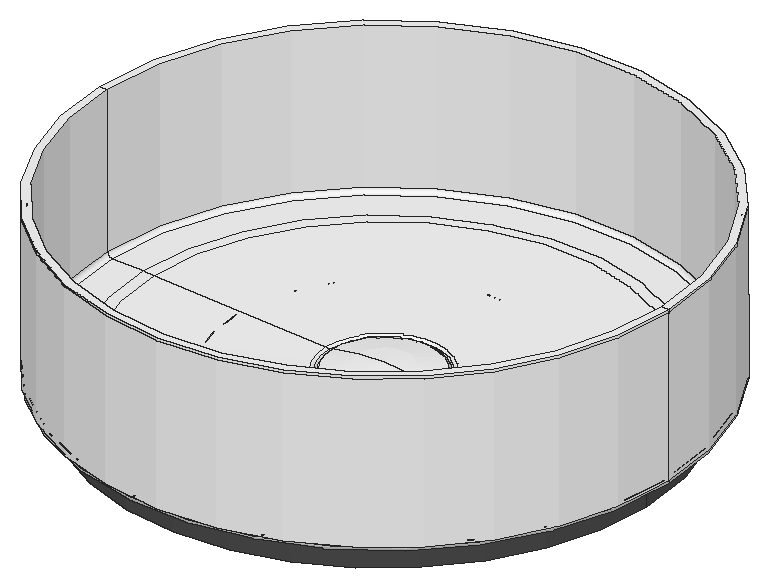
Revit family "Reece_Basin_Alape_Unisono_Above Counter Basin_325 mm", category Plumbing Fixtures, host Face, Revit 2018
Family settings
  Host = Face
  Round Connector Dimension = Use Diameter
  Part Type = Normal
  Cut with Voids When Loaded = No
  Shared = Yes
  Room Calculation Point = Yes
Parameters
  WFU = 0  # constant formula
  URL = "https://www.reece.com.au/product/-9503961"
  Type Comments = "Basin"
  Reece_Product_Web Page = "https://www.reece.com.au/product/-9503961"
  Reece_Product_Type = "Basin"  # constant formula
  Reece_Product_Sub Brand = "Unisono"  # constant formula
  Reece_Product_Number = "9503961"
  Reece_Product_Mount = "Above Counter"
  Reece_Product_Description = "Alape Unisono Counter Basin 325mm White"
  Reece_Product_Brand = "Alape"  # constant formula
  Reece_Overall_Width = 325 mm  # constant formula
  Reece_Overall_Length = 325 mm  # constant formula
  Reece_Overall_Height = 105 mm  # constant formula
  Reece_Overall_Capacity = 7.00 L  # constant formula
  Reece_Material_Secondary = Reece_Brass_Chrome
  Reece_Material_Colour = Reece_Metal_Steel Enamelled_White
  Reece_Material_Base = Reece_Metal_Steel Enamelled_Matte Black
  Reece_Material-Main = Reece_Metal_Steel Enamelled_White
  Reece_Detail_Installation = "Above Counter"  # constant formula
  Reece_Detail_Disclaimer = "THIS FILE IS THE PROPERTY OF THE REECE GROUP. IT MAY NOT BE REPRODUCED, REVERSE-ENGINEERED OR MODIFIED. ANY REPUBLICATION, TRANSMISSION OR DISTRIBUTION FOR THE PURPOSE OF COMMERCIALLY EXPLOITING THE FILES IS PROHIBITED."  # constant formula
  Reece_Detail_Connector = "No Taphole"  # constant formula
  Reece_Detail_Additional = "No Overflow"  # constant formula
  Reece_Basin_Outlet = 40 mm  # constant formula
  Model = "Unisono"
  Manufacturer = "Alape"
  Keynote = "Product #9503961, Reece_Basin_Alape_Unisono_Above Counter Basin_325 mm -  "
  HWFU = 0  # constant formula
  Disclaimer = "THIS FILE IS THE PROPERTY OF THE REECE GROUP. IT MAY NOT BE REPRODUCED, REVERSE-ENGINEERED OR MODIFIED. ANY REPUBLICATION, TRANSMISSION OR DISTRIBUTION FOR THE PURPOSE OF COMMERCIALLY EXPLOITING THE FILES IS PROHIBITED."  # constant formula
  Description = "Alape Unisono Counter Basin 325mm White"
  Default Elevation = 1000 mm
  CWFU = 0  # constant formula
Types (4, lengths in mm): name | URL | Reece_Product_Web Page | Reece_Product_Number | Reece_Product_Description | Reece_Material_Secondary | Reece_Material_Colour | Reece_Material-Main | Keynote | Description
  (no name) | "https://www.reece.com.au/product/-9503961" | "https://www.reece.com.au/product/-9503961" | "9503961" | "Alape Unisono Counter Basin 325mm White" | Reece_Brass_Chrome | Reece_Metal_Steel Enamelled_White | Reece_Metal_Steel Enamelled_White | "Product #9503961, Reece_Basin_Alape_Unisono_Above Counter Basin_325 mm -  " | "Alape Unisono Counter Basin 325mm White"
  Matte Black | "https://www.reece.com.au/product/-9506940" | "https://www.reece.com.au/product/-9506940" | "9506940" | "Alape Unisono Counter Basin 325mm Matte Black" | Reece_Brass_Chrome | Reece_Metal_Steel Enamelled_Matte Black | Reece_Metal_Steel Enamelled_Matte Black | "Product #9506940, Reece_Basin_Alape_Unisono_Above Counter Basin_325 mm - Matte Black" | "Alape Unisono Counter Basin 325mm Matte Black"
  Bi-Colour | "https://www.reece.com.au/product/-1806077" | "https://www.reece.com.au/product/-1806077" | "1806077" | "Alape Unisono Counter Basin 325mm Bi-Colour" | Reece_Metal_Steel Enamelled_White | Reece_Metal_Steel Enamelled_Matte Black | Reece_Metal_Steel Enamelled_White | "Product #1806077, Reece_Basin_Alape_Unisono_Above Counter Basin_325 mm - Bi-Colour" | "Alape Unisono Counter Basin 325mm Bi-Colour"
  White | "https://www.reece.com.au/product/-9503961" | "https://www.reece.com.au/product/-9503961" | "9503961" | "Alape Unisono Counter Basin 325mm White" | Reece_Brass_Chrome | Reece_Metal_Steel Enamelled_White | Reece_Metal_Steel Enamelled_White | "Product #9503961, Reece_Basin_Alape_Unisono_Above Counter Basin_325 mm - White" | "Alape Unisono Counter Basin 325mm White"
Reference planes
  plane 1 "Center (Front/Back)": y = -79.125
  plane 2 "Bottom": z = 0
  plane 3 "Center (Left/Right)": x = 0
  plane 4: x = 162.5
  plane 5: x = -162.5
  plane 6: y = -241.625
  plane 7: y = 83.375
  plane 8: z = 105
  plane 9: z = 15
Forms (mm)
  Revolve 1, solid, material "Reece_Metal_Steel Enamelled_White" <- "Reece_Material_Colour"
    sketch origin (0, -79.125, 0) x (1, 0, 0) y (0, 0, 1)
      loop
        line (-162.5, 103.495) -> (-162.5, 17.5)
        arc (-162.5, 17.5) -> (-161.768, 15.732) -> (-160, 15) r 2.5
        line (-160, 15) -> (-138, 15) -> (-138, 15.991) -> (-158.01, 15.991)
        arc (-158.01, 15.991) -> (-159.778, 16.723) -> (-160.51, 18.491) r 2.5
        line (-160.51, 18.491) -> (-160.51, 103.495) -> (-162.5, 103.495)
      axis (0, 103.495) -> (0, 15)
    angle from 0 to 360
  Revolve 2, solid, material "Reece_Metal_Steel Enamelled_White" <- "Reece_Material-Main"
    sketch origin (0, -79.125, 0) x (1, 0, 0) y (0, 0, 1)
      loop
        line (-162.5, 105) -> (-162.5, 103.495) -> (-160.5, 103.495) -> (-160.5, 18.491)
        arc (-160.5, 18.491) -> (-159.768, 16.723) -> (-158, 15.991) r 2.5
        line (-158, 15.991) -> (-101.928, 15.991)
        arc (-101.928, 15.991) -> (-101.108, 15.735) -> (-100.579, 15.059) r 1.442
        arc (-100.579, 15.059) -> (-99.616, 13.828) -> (-98.125, 13.363) r 2.625
        line (-98.125, 13.363) -> (-96.165, 13.363) -> (-94.894, 12.079)
        arc (-94.894, 12.079) -> (-92.921, 11.262) -> (-90.948, 12.079) r 2.79
        line (-90.948, 12.079) -> (-89.839, 13.188) -> (-87.718, 13.188)
        arc (-87.718, 13.188) -> (-86.307, 13.601) -> (-85.341, 14.709) r 2.616
        arc (-85.341, 14.709) -> (-84.515, 15.647) -> (-83.31, 15.977) r 2.182
        line (-83.31, 15.977) -> (-34.301, 14.86)
        arc (-34.301, 14.86) -> (-33.295, 14.596) -> (-32.516, 13.905) r 2.242
        line (-32.516, 13.905) -> (-22.78, 0) -> (-20.287, 0) -> (-31.627, 16.195)
        arc (-31.627, 16.195) -> (-32.386, 16.869) -> (-33.369, 17.127) r 2.187
        line (-33.369, 17.127) -> (-131.139, 19.356)
        arc (-131.139, 19.356) -> (-134.188, 19.408) -> (-137.237, 19.425) r 267.632
        line (-137.237, 19.425) -> (-155.7, 19.425)
        arc (-155.7, 19.425) -> (-157.468, 20.157) -> (-158.2, 21.925) r 2.5
        line (-158.2, 21.925) -> (-158.2, 105) -> (-162.5, 105)
      axis (0, 105) -> (0, 0)
    angle from 0 to 360
  Extrusion 3, void
    sketch origin (0, 0, 0) x (1, 0, 0) y (0, 1, 0)
      loop
        circle (0, -79.125) r 22.5
    from -57.378 to 33.548
  Revolve 4, solid, material "Reece_Brass_Chrome" <- "Reece_Material_Secondary"
    sketch origin (0, -79.125, 20.532) x (1, 0, 0) y (0, 0, 1)
      loop
        line (0, -40.898) -> (0, 0.6)
        arc (0, 0.6) -> (-14.638, -0.343) -> (-29.087, -2.869) r 134.909
        arc (-29.087, -2.869) -> (-29.744, -3.284) -> (-30, -4.017) r 1.179
        line (-30, -4.017) -> (-30, -6.155) -> (-18.461, -6.155) -> (-18.461, -40.898) -> (0, -40.898)
      axis (0, -40.898) -> (0, 0.6)
    angle from 0 to 360
  Revolve 5, solid, material "Reece_Metal_Steel Enamelled_Matte Black" <- "Reece_Material_Base"
    sketch origin (0, -79.125, 0) x (1, 0, 0) y (0, 0, 1)
      loop
        line (-150, 15) -> (-150, 0) -> (-138, 0) -> (-138, 15) -> (-150, 15)
      axis (0, 15) -> (0, 0)
    angle from 0 to 360
Text (mm)
  text "Reece Copyright © 2018, Reece Ltd." at (-902.343, -740.328, 0), in view "Ref. Level"
  text "Reece ©" at (44.384, 258.95, 192.345), in view "Reece Preview"
Dimensions and locks
  equal spacing: plane 5, plane 3 "Center (Left/Right)", plane 4
  "Reece_Overall_Width": plane 5 to plane 4
  "Reece_Overall_Width": plane 5 to Revolve 2
  "Reece_Overall_Height": plane 8 to plane 2 "Bottom"  (x2)
  plane 8 to plane 9 = 90 mm
  "Reece_Overall_Length": plane 7 to plane 8
  plane 9 to Revolve 2 = 90 mm
  "Reece_Overall_Length": plane 6 to plane 7
  equal spacing: plane 6, plane 1 "Center (Front/Back)", plane 7
  plane 8 to Revolve 5 = 90 mm
  aligned and locked: host face to plane 2 "Bottom"
  aligned and locked: level to host face
Automatic sketch dimensions
  host sketch curve to host sketch curve = 801.051 mm
  host sketch curve to host sketch curve = 660.299 mm
  plane 1 "Center (Front/Back)" to Extrusion 3 sketch curve = 0 mm
  Extrusion 3 sketch curve to plane 3 "Center (Left/Right)" = 0 mm
  plane 5 to Revolve 2 sketch curve = 0 mm
  Revolve 2 sketch curve to plane 8 = 0 mm
  Revolve 2 sketch curve to level = 0 mm  (x2)
  Revolve 2 sketch curve to plane 3 "Center (Left/Right)" = 0 mm
  Revolve 2 sketch curve to Revolve 2 sketch curve = 2 mm
  Revolve 2 sketch curve to Revolve 2 sketch curve = 2.5 mm  (x2)
  Revolve 2 sketch curve to Revolve 2 sketch curve = 2.3 mm
  plane 9 to Revolve 2 sketch curve = 4.356 mm
  Revolve 2 sketch curve to Revolve 2 sketch curve = 6.098 mm
  Revolve 2 sketch curve to plane 9 = 0.452 mm
  Revolve 2 sketch curve to Revolve 2 sketch curve = 29.211 mm
  Revolve 2 sketch curve to plane 9 = 1.637 mm
  Revolve 2 sketch curve to Revolve 2 sketch curve = 3.804 mm
  Revolve 2 sketch curve to Revolve 2 sketch curve = 1.96 mm
  Revolve 2 sketch curve to plane 9 = 2.921 mm  (x2)
  Revolve 2 sketch curve to Revolve 2 sketch curve = 1.271 mm
  Revolve 2 sketch curve to plane 9 = 0.948 mm
  Revolve 2 sketch curve to Revolve 2 sketch curve = 1.973 mm
  Revolve 2 sketch curve to plane 9 = 1.812 mm
  Revolve 2 sketch curve to Revolve 2 sketch curve = 1.108 mm
  Revolve 2 sketch curve to Revolve 2 sketch curve = 2.122 mm
  Revolve 2 sketch curve to plane 9 = 1.204 mm
  Revolve 2 sketch curve to Revolve 2 sketch curve = 4.358 mm
  plane 9 to Revolve 2 sketch curve = 0.977 mm
  Revolve 2 sketch curve to Revolve 2 sketch curve = 0.05 mm  (x2)
  Revolve 2 sketch curve to plane 9 = 2.381 mm
  Revolve 2 sketch curve to plane 3 "Center (Left/Right)" = 34.352 mm
  Revolve 2 sketch curve to plane 9 = 0.14 mm
  Revolve 2 sketch curve to Revolve 2 sketch curve = 0.051 mm
  Revolve 2 sketch curve to plane 9 = 0.06 mm
  Revolve 2 sketch curve to Revolve 2 sketch curve = 0.883 mm
  plane 9 to Revolve 2 sketch curve = 2.127 mm
  Revolve 2 sketch curve to plane 9 = 1.095 mm
  plane 9 to Revolve 2 sketch curve = 1.195 mm
  Revolve 2 sketch curve to Revolve 2 sketch curve = 9.737 mm
  Revolve 2 sketch curve to Revolve 2 sketch curve = 2.493 mm
  Revolve 2 sketch curve to level = 248.207 mm
  plane 9 to Revolve 2 sketch curve = 0.804 mm
  plane 9 to Revolve 2 sketch curve = 0.988 mm
  plane 9 to Revolve 2 sketch curve = 0.991 mm
  Revolve 2 sketch curve to plane 8 = 1.505 mm
  plane 9 to Revolve 2 sketch curve = 6.397 mm
  Revolve 4 sketch curve to plane 3 "Center (Left/Right)" = 0 mm  (x2)
  Revolve 4 sketch curve to Revolve 4 sketch curve = 18.461 mm
  plane 9 to Revolve 4 sketch curve = 1.514 mm
  Revolve 4 sketch curve to Revolve 4 sketch curve = 10.36 mm
  Revolve 4 sketch curve to plane 9 = 0.623 mm
  Revolve 4 sketch curve to Revolve 4 sketch curve = 1.179 mm
  plane 3 "Center (Left/Right)" to Revolve 4 sketch curve = 1.338 mm
  Revolve 4 sketch curve to level = 20.367 mm
  Revolve 4 sketch curve to Revolve 4 sketch curve = 93.404 mm
  plane 9 to Revolve 4 sketch curve = 6.131 mm
  level to Revolve 4 sketch curve = 7.478 mm
  Revolve 4 sketch curve to Revolve 4 sketch curve = 0 mm
  plane 5 to Revolve 1 sketch curve = 0 mm
  Revolve 1 sketch curve to plane 3 "Center (Left/Right)" = 0 mm
  Revolve 1 sketch curve to level = 0 mm
  Revolve 1 sketch curve to plane 5 = 1.99 mm
  Revolve 1 sketch curve to Revolve 1 sketch curve = 0.51 mm
  Revolve 1 sketch curve to Revolve 1 sketch curve = 1.99 mm
  plane 9 to Revolve 1 sketch curve = 0.991 mm
  Revolve 1 sketch curve to plane 8 = 1.505 mm
  plane 8 to Revolve 1 sketch curve = 25 mm
  Revolve 1 sketch curve to plane 9 = 0 mm
  Revolve 5 sketch curve to plane 9 = 0 mm
  Revolve 5 sketch curve to level = 0 mm
  Revolve 5 sketch curve to plane 3 "Center (Left/Right)" = 0 mm
  Revolve 5 sketch curve to level = 17.361 mm
  plane 9 to Revolve 5 sketch curve = 27.639 mm
  Revolve 1 sketch curve to Revolve 1 sketch curve = 20.01 mm
  Revolve 2 sketch curve to plane 5 = 25.263 mm
  Revolve 5 sketch curve to plane 5 = 24.5 mm
  Revolve 5 sketch curve to Revolve 5 sketch curve = 12 mm
  radius of Extrusion 3 sketch curve = 22.5 mm
Connectors
  piping at (0, -79.125, -20.367), diameter 40, driven by "Reece_Basin_Outlet"
    settings: on Revolve 4, index 1, connector inside diameter 609.6 mm, connector length 0 mm, flow factor 0, pipe flow 0.0 L/s, pressure drop 0.0 Pa, fitting loss kfactor 0, connector angle 0.00°, fixture units 0, engagement length 0 mm, angle of deflection 0.00°, flow configuration 0, flow direction 2, fitting loss method 0, system type 16, joint type 0, gender type 0, connector reference index -1, connector utility 0, adjustable connector no, is connector primary yes, connector description ""
